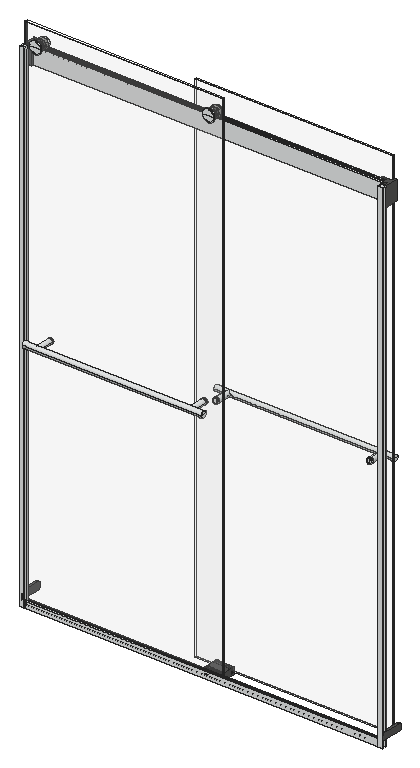
Revit family "Shower-Shower_Door-KOHLER-Levity_Plus-K-702430_1", category Specialty Equipment, host Face, Revit 2022 (continued)
Definition of nested family "K-702430"
  Dimensions and locks (in)
    aligned and locked: plane 13 to Extrusion 14
    aligned and locked: plane 5 to Extrusion 15 sketch curve
    aligned and locked: plane 6 to Extrusion 15 sketch curve
    aligned and locked: plane 13 to Extrusion 17 sketch curve
    aligned and locked: Extrusion 10 to Masking region 1 sketch curve
    aligned and locked: Masking region 2 sketch curve to plane 6
    aligned and locked: Masking region 2 sketch curve to plane 5
    aligned and locked: plane 6 to Masking region 3 sketch curve
    aligned and locked: Extrusion 10 to Masking region 3 sketch curve
    aligned and locked: Revolve 11 to Masking region 4 sketch curve
    aligned and locked: plane 13 to Masking region 4 sketch curve
    aligned and locked: plane 5 to Extrusion 21
    aligned and locked: Masking region 3 to curve 165
    aligned and locked: Masking region 3 to curve 166
    aligned and locked: Masking region 3 to curve 142
    aligned and locked: Revolve 26 sketch curve to plane 18
    aligned and locked: Revolve 26 sketch curve to plane 17
    aligned and locked: Revolve 27 sketch curve to plane 21  (x2)
    aligned and locked: plane 22 to Revolve 27 sketch curve
    aligned and locked: curve 187 to Revolve 25
    aligned and locked: Masking region 3 sketch curve to Masking region 3 sketch curve
    aligned and locked: plane 18 to Masking region 4 sketch curve
    aligned and locked: plane 17 to Masking region 4 sketch curve
    aligned and locked: Masking region 4 sketch curve to Masking region 4 sketch curve
    aligned and locked: Masking region 3 to curve 190
    aligned and locked: curve 191 to Masking region 3
    aligned and locked: Masking region 3 to curve 192
    aligned and locked: curve 103 to Masking region 3
    aligned and locked: Masking region 3 to curve 130
    aligned and locked: curve 152 to Masking region 3
    aligned and locked: Masking region 3 to curve 195
    aligned and locked: curve 197 to Masking region 4
    aligned and locked: curve 196 to Masking region 4
    aligned and locked: Masking region 4 to curve 196
    aligned and locked: Masking region 4 to curve 197
    aligned and locked: curve 198 to Revolve 26
    aligned and locked: Masking region 4 to curve 199  (x2)
    aligned and locked: Masking region 4 to curve 158
    aligned and locked: curve 158 to Masking region 4
    aligned and locked: Masking region 4 to curve 200
    aligned and locked: curve 200 to Masking region 4
    aligned and locked: Masking region 4 to curve 201  (x3)
    aligned and locked: curve 202 to Revolve 26
    aligned and locked: Revolve 31 sketch curve to plane 18
    aligned and locked: Revolve 31 sketch curve to plane 17
    aligned and locked: Masking region 4 sketch curve to Extrusion 17
    aligned and locked: Masking region 4 to curve 154
    aligned and locked: curve 154 to Masking region 4
    aligned and locked: Masking region 4 to curve 160
    aligned and locked: curve 160 to Masking region 4
    aligned and locked: curve 10 to curve 215
  Automatic sketch dimensions
    Extrusion 1 sketch curve to plane 4 = 0"
    Extrusion 1 sketch curve to Extrusion 1 sketch curve = 0.03079"
    plane 4 to Extrusion 1 sketch curve = 0.0315"
    Extrusion 1 sketch curve to Extrusion 1 sketch curve = 0.2541"
    Extrusion 1 sketch curve to Extrusion 1 sketch curve = 0.25668"
    plane 4 to Extrusion 1 sketch curve = 81/256"
    Extrusion 1 sketch curve to Extrusion 1 sketch curve = 0.0315"  (x2)
    Extrusion 1 sketch curve to Extrusion 1 sketch curve = 0.60218"
    Extrusion 1 sketch curve to Extrusion 1 sketch curve = 0.03039"
    Extrusion 1 sketch curve to plane 1 "Center (Front/Back)" = 0.35413"
    Extrusion 1 sketch curve to Extrusion 1 sketch curve = 0.47171"
    Extrusion 1 sketch curve to Extrusion 1 sketch curve = 1.10192"
    Extrusion 1 sketch curve to Extrusion 1 sketch curve = 0.00743"
    Extrusion 1 sketch curve to Extrusion 1 sketch curve = 0.34229"
    Extrusion 2 sketch curve to plane 4 = 0"  (x2)
    plane 1 "Center (Front/Back)" to Extrusion 2 sketch curve = 0"  (x2)
    plane 4 to Extrusion 2 sketch curve = 0.05752"  (x2)
    plane 4 to Extrusion 2 sketch curve = 0.18908"
    Extrusion 2 sketch curve to Extrusion 2 sketch curve = 0.04131"
    Extrusion 2 sketch curve to Extrusion 2 sketch curve = 0.09136"
    Extrusion 2 sketch curve to Extrusion 2 sketch curve = 0.19461"  (x2)
    Extrusion 2 sketch curve to Extrusion 2 sketch curve = 0.14115"  (x2)
    plane 1 "Center (Front/Back)" to Extrusion 2 sketch curve = 0.32797"
    Extrusion 2 sketch curve to Extrusion 2 sketch curve = 0.00361"  (x2)
    Extrusion 2 sketch curve to Extrusion 2 sketch curve = 0.10339"
    plane 1 "Center (Front/Back)" to Extrusion 2 sketch curve = 0.30702"
    Extrusion 2 sketch curve to Extrusion 2 sketch curve = 0.03454"  (x2)
    Extrusion 2 sketch curve to Extrusion 2 sketch curve = 0.01994"  (x2)
    Extrusion 2 sketch curve to Extrusion 2 sketch curve = 0.04271"  (x2)
    Extrusion 2 sketch curve to Extrusion 2 sketch curve = 0.06265"
    Extrusion 2 sketch curve to plane 1 "Center (Front/Back)" = 0.20982"
    Extrusion 2 sketch curve to Extrusion 2 sketch curve = 0"
    Extrusion 2 sketch curve to plane 1 "Center (Front/Back)" = 0.22464"
    Extrusion 3 sketch curve to plane 4 = 0"
    Extrusion 3 sketch curve to Extrusion 3 sketch curve = 0.05752"  (x2)
    plane 1 "Center (Front/Back)" to Extrusion 3 sketch curve = 0.32797"
    Extrusion 3 sketch curve to Extrusion 3 sketch curve = 0.59999"  (x2)
    Extrusion 3 sketch curve to Extrusion 3 sketch curve = 0.00361"  (x2)
    Extrusion 3 sketch curve to Extrusion 3 sketch curve = 0.10339"
    plane 1 "Center (Front/Back)" to Extrusion 3 sketch curve = 0.30702"
    Extrusion 3 sketch curve to Extrusion 3 sketch curve = 0.05449"  (x2)
    Extrusion 3 sketch curve to plane 1 "Center (Front/Back)" = 0.22464"
    Extrusion 3 sketch curve to plane 1 "Center (Front/Back)" = 0.25253"
    plane 1 "Center (Front/Back)" to Extrusion 4 sketch curve = 0.20982"
    Extrusion 4 sketch curve to Extrusion 4 sketch curve = 0.01972"
    Extrusion 4 sketch curve to Extrusion 4 sketch curve = 0.25882"
    level to Extrusion 4 sketch curve = 1.05663"
    Extrusion 4 sketch curve to Extrusion 4 sketch curve = 0.57809"
    Extrusion 5 sketch curve to level = 0"
    Extrusion 5 sketch curve to plane 1 "Center (Front/Back)" = 0"
    plane 1 "Center (Front/Back)" to Extrusion 5 sketch curve = 0.19878"
    Extrusion 5 sketch curve to plane 1 "Center (Front/Back)" = 3/128"
    Extrusion 5 sketch curve to Extrusion 5 sketch curve = 0.04434"
    Extrusion 5 sketch curve to Extrusion 5 sketch curve = 0.04019"
    Extrusion 5 sketch curve to Extrusion 5 sketch curve = 0.07819"
    Extrusion 5 sketch curve to Extrusion 5 sketch curve = 0.0297"
    Extrusion 5 sketch curve to Extrusion 5 sketch curve = 0.02696"
    level to Extrusion 5 sketch curve = 0.07959"
    Extrusion 5 sketch curve to plane 1 "Center (Front/Back)" = 0.14319"
    Extrusion 5 sketch curve to Extrusion 5 sketch curve = 0.05652"
    Extrusion 5 sketch curve to Extrusion 5 sketch curve = 0.06857"
    Extrusion 5 sketch curve to Extrusion 5 sketch curve = 0.02971"
    Extrusion 5 sketch curve to Extrusion 5 sketch curve = 0.03753"
    Extrusion 5 sketch curve to Extrusion 5 sketch curve = 0.02998"
    Extrusion 5 sketch curve to Extrusion 5 sketch curve = 45/128"
    Extrusion 5 sketch curve to Extrusion 5 sketch curve = 0.34333"
    Extrusion 5 sketch curve to Extrusion 5 sketch curve = 0.07224"
    Extrusion 5 sketch curve to Extrusion 5 sketch curve = 0.01101"
    Extrusion 5 sketch curve to Extrusion 5 sketch curve = 15/128"
    Extrusion 5 sketch curve to Extrusion 5 sketch curve = 0.50603"
    Extrusion 5 sketch curve to Extrusion 5 sketch curve = 0.00157"
    Extrusion 5 sketch curve to Extrusion 5 sketch curve = 0.02425"
    Extrusion 5 sketch curve to Extrusion 5 sketch curve = 0.01999"
    Extrusion 5 sketch curve to Extrusion 5 sketch curve = 0.04542"
    Extrusion 5 sketch curve to Extrusion 5 sketch curve = 0.01816"
    Revolve 6 sketch curve to plane 8 = 0"  (x2)
    Revolve 6 sketch curve to plane 1 "Center (Front/Back)" = 1.79905"
    Revolve 6 sketch curve to Revolve 6 sketch curve = 0.36643"
    Revolve 6 sketch curve to Revolve 6 sketch curve = 0.18701"  (x2)
    Revolve 6 sketch curve to Revolve 6 sketch curve = 0.13646"
    Revolve 6 sketch curve to Revolve 6 sketch curve = 0.19685"  (x2)
    Revolve 6 sketch curve to Revolve 6 sketch curve = 0.35769"
    Revolve 6 sketch curve to plane 1 "Center (Front/Back)" = 0.06827"
    Revolve 6 sketch curve to plane 1 "Center (Front/Back)" = 0.02811"
    plane 1 "Center (Front/Back)" to Revolve 6 sketch curve = 0.09751"
    Revolve 6 sketch curve to Revolve 6 sketch curve = 0.04293"
    plane 8 to Revolve 6 sketch curve = 0.4638"
    plane 8 to Revolve 6 sketch curve = 0.47661"
    Revolve 6 sketch curve to Revolve 6 sketch curve = 0.05951"
    Revolve 6 sketch curve to Revolve 6 sketch curve = 0.21742"
    Revolve 6 sketch curve to Revolve 6 sketch curve = 0.26917"
    Revolve 6 sketch curve to Revolve 6 sketch curve = 0.05219"
    Revolve 6 sketch curve to Revolve 6 sketch curve = 0.23207"
    Revolve 6 sketch curve to Revolve 6 sketch curve = 0.00276"
    Revolve 6 sketch curve to Revolve 6 sketch curve = 0.04017"
    Revolve 6 sketch curve to Revolve 6 sketch curve = 0.98425"
    Revolve 6 sketch curve to Revolve 6 sketch curve = 0"
    Revolve 7 sketch curve to plane 1 "Center (Front/Back)" = 1.79905"
    Revolve 7 sketch curve to Revolve 7 sketch curve = 0.36643"
    Revolve 7 sketch curve to Revolve 7 sketch curve = 0.18701"  (x2)
    Revolve 7 sketch curve to Revolve 7 sketch curve = 0.13646"
    Revolve 7 sketch curve to Revolve 7 sketch curve = 0.19685"  (x2)
    Revolve 7 sketch curve to Revolve 7 sketch curve = 0.35769"
    Revolve 7 sketch curve to plane 1 "Center (Front/Back)" = 0.06827"
    Revolve 7 sketch curve to plane 1 "Center (Front/Back)" = 0.02811"
    plane 1 "Center (Front/Back)" to Revolve 7 sketch curve = 0.09751"
    Revolve 7 sketch curve to Revolve 7 sketch curve = 0.04293"
    Revolve 7 sketch curve to Revolve 7 sketch curve = 0.05951"
    Revolve 7 sketch curve to Revolve 7 sketch curve = 0.21742"
    Revolve 7 sketch curve to Revolve 7 sketch curve = 0.26917"
    Revolve 7 sketch curve to Revolve 7 sketch curve = 0.05219"
    Revolve 7 sketch curve to Revolve 7 sketch curve = 0.23207"
    Revolve 7 sketch curve to Revolve 7 sketch curve = 0.00276"
    Revolve 7 sketch curve to Revolve 7 sketch curve = 0.04017"
    Revolve 7 sketch curve to Revolve 7 sketch curve = 0.98425"
    Revolve 7 sketch curve to Revolve 7 sketch curve = 0"  (x2)
    Extrusion 8 sketch curve to plane 1 "Center (Front/Back)" = 0.97838"
    Extrusion 8 sketch curve to Extrusion 8 sketch curve = 0.04771"
    Extrusion 8 sketch curve to Extrusion 8 sketch curve = 0.19946"
    Extrusion 8 sketch curve to Extrusion 8 sketch curve = 0.06749"
    Extrusion 8 sketch curve to Extrusion 8 sketch curve = 0.07625"
    Extrusion 8 sketch curve to Extrusion 8 sketch curve = 0.10945"
    Extrusion 8 sketch curve to Extrusion 8 sketch curve = 0.00724"
    Extrusion 8 sketch curve to Extrusion 8 sketch curve = 0.01781"
    Extrusion 8 sketch curve to Extrusion 8 sketch curve = 0.07472"
    Extrusion 8 sketch curve to Extrusion 8 sketch curve = 0.26709"
    Extrusion 8 sketch curve to Extrusion 8 sketch curve = 0.25238"
    Extrusion 8 sketch curve to Extrusion 8 sketch curve = 0.11432"
    Extrusion 8 sketch curve to Extrusion 8 sketch curve = 0.167"
    Extrusion 8 sketch curve to Extrusion 8 sketch curve = 0.38221"
    Extrusion 8 sketch curve to Extrusion 8 sketch curve = 0.02708"
    Extrusion 8 sketch curve to Extrusion 8 sketch curve = 0.03426"
    Extrusion 8 sketch curve to Extrusion 8 sketch curve = 0.04358"
    Extrusion 8 sketch curve to Extrusion 8 sketch curve = 0.05805"
    Extrusion 8 sketch curve to Extrusion 8 sketch curve = 0.04965"
    Extrusion 8 sketch curve to Extrusion 8 sketch curve = 0.03062"
    Extrusion 8 sketch curve to Extrusion 8 sketch curve = 0.27127"
    Extrusion 8 sketch curve to Extrusion 8 sketch curve = 0.01337"
    Extrusion 8 sketch curve to Extrusion 8 sketch curve = 1/8"
    Extrusion 8 sketch curve to Extrusion 8 sketch curve = 0.62317"
    Extrusion 8 sketch curve to Extrusion 8 sketch curve = 0.09894"
    Extrusion 8 sketch curve to Extrusion 8 sketch curve = 0.11003"
    Extrusion 8 sketch curve to Extrusion 8 sketch curve = 0.06863"
    Extrusion 8 sketch curve to Extrusion 8 sketch curve = 0.04403"
    Extrusion 8 sketch curve to Extrusion 8 sketch curve = 0.07343"
    Extrusion 8 sketch curve to Extrusion 8 sketch curve = 0.06223"
    Extrusion 10 sketch curve to level = 0"
    Extrusion 10 sketch curve to plane 1 "Center (Front/Back)" = 0.30693"
    Extrusion 10 sketch curve to Extrusion 10 sketch curve = 0.16911"
    Extrusion 10 sketch curve to Extrusion 10 sketch curve = 0.03435"
    Extrusion 10 sketch curve to Extrusion 10 sketch curve = 0.04675"
    Extrusion 10 sketch curve to Extrusion 10 sketch curve = 0.27567"
    Extrusion 10 sketch curve to Extrusion 10 sketch curve = 0.02104"  (x2)
    level to Extrusion 10 sketch curve = 0.22974"  (x2)
    Extrusion 10 sketch curve to Extrusion 10 sketch curve = 0.10752"
    Extrusion 10 sketch curve to Extrusion 10 sketch curve = 0.08964"  (x2)
    Extrusion 10 sketch curve to Extrusion 10 sketch curve = 0.18469"  (x2)
    level to Extrusion 10 sketch curve = 0.22333"  (x2)
    Extrusion 10 sketch curve to Extrusion 10 sketch curve = 0.08608"  (x2)
    Extrusion 10 sketch curve to plane 1 "Center (Front/Back)" = 0.99117"
    Extrusion 10 sketch curve to Extrusion 10 sketch curve = 0.41665"  (x2)
    Extrusion 10 sketch curve to Extrusion 10 sketch curve = 0.04608"  (x2)
    Extrusion 10 sketch curve to Extrusion 10 sketch curve = 1.03242"
    level to Extrusion 10 sketch curve = 1.02412"
    Extrusion 10 sketch curve to Extrusion 10 sketch curve = 0.04197"
    Extrusion 10 sketch curve to Extrusion 10 sketch curve = 0.13366"
    level to Extrusion 10 sketch curve = 1.04611"
    Extrusion 10 sketch curve to Extrusion 10 sketch curve = 0.02291"
    Extrusion 10 sketch curve to Extrusion 10 sketch curve = 0.2467"
    level to Extrusion 10 sketch curve = 0.08994"
    Extrusion 10 sketch curve to Extrusion 10 sketch curve = 0.03772"
    Extrusion 10 sketch curve to Extrusion 10 sketch curve = 0.08809"
    Extrusion 10 sketch curve to Extrusion 10 sketch curve = 0.08169"
    Extrusion 10 sketch curve to Extrusion 10 sketch curve = 0.79837"
    Extrusion 10 sketch curve to Extrusion 10 sketch curve = 0.00241"
    Extrusion 10 sketch curve to Extrusion 10 sketch curve = 0.0012"
    Extrusion 10 sketch curve to Extrusion 10 sketch curve = 0.02268"
    Extrusion 10 sketch curve to Extrusion 10 sketch curve = 0.02105"
    Extrusion 10 sketch curve to Extrusion 10 sketch curve = 0.00037"
    Extrusion 10 sketch curve to Extrusion 10 sketch curve = 1.18136"
    Revolve 11 sketch curve to Revolve 11 sketch curve = 0.05802"
    Revolve 11 sketch curve to Revolve 11 sketch curve = 0.12991"
    Revolve 11 sketch curve to Revolve 11 sketch curve = 0.23375"
    Revolve 11 sketch curve to Revolve 11 sketch curve = 0.00086"
    Revolve 11 sketch curve to Revolve 11 sketch curve = 0.04165"  (x2)
    Revolve 11 sketch curve to Revolve 11 sketch curve = 0.04078"
    Revolve 11 sketch curve to Revolve 11 sketch curve = 0.12631"
    Revolve 11 sketch curve to Revolve 11 sketch curve = 0.29364"
    Revolve 11 sketch curve to Revolve 11 sketch curve = 0.3614"
    Revolve 11 sketch curve to Revolve 11 sketch curve = 0.25664"
    Revolve 11 sketch curve to Revolve 11 sketch curve = 0.3937"
    Revolve 11 sketch curve to Revolve 11 sketch curve = 0.50511"
    Revolve 12 sketch curve to Revolve 12 sketch curve = 0.05802"
    Revolve 12 sketch curve to Revolve 12 sketch curve = 0.12991"
    Revolve 12 sketch curve to Revolve 12 sketch curve = 0.23375"
    Revolve 12 sketch curve to Revolve 12 sketch curve = 0.00086"
    Revolve 12 sketch curve to Revolve 12 sketch curve = 0.04165"  (x2)
    Revolve 12 sketch curve to Revolve 12 sketch curve = 0.04078"
    Revolve 12 sketch curve to Revolve 12 sketch curve = 0.12631"
    Revolve 12 sketch curve to Revolve 12 sketch curve = 0.29364"
    Revolve 12 sketch curve to Revolve 12 sketch curve = 0.3614"
    Revolve 12 sketch curve to Revolve 12 sketch curve = 0.25664"
    Revolve 12 sketch curve to Revolve 12 sketch curve = 0.3937"
    Revolve 12 sketch curve to Revolve 12 sketch curve = 0.50511"
    plane 1 "Center (Front/Back)" to Extrusion 14 sketch curve = 0.23901"
    Extrusion 14 sketch curve to Extrusion 14 sketch curve = 0.01972"
    Extrusion 14 sketch curve to Extrusion 14 sketch curve = 0.25882"
    level to Extrusion 14 sketch curve = 2.13263"
    Extrusion 14 sketch curve to Extrusion 14 sketch curve = 0.57809"
    Extrusion 18 sketch curve to plane 4 = 0"
    Extrusion 18 sketch curve to plane 1 "Center (Front/Back)" = 0.32797"
    plane 1 "Center (Front/Back)" to Extrusion 18 sketch curve = 0.32797"
    Extrusion 18 sketch curve to Extrusion 18 sketch curve = 0.76451"
    Revolve 19 sketch curve to Revolve 19 sketch curve = 0.19685"  (x2)
    Revolve 19 sketch curve to Revolve 19 sketch curve = 0.13646"
    Revolve 19 sketch curve to Revolve 19 sketch curve = 0.37402"
    Revolve 19 sketch curve to Revolve 19 sketch curve = 0.36643"
    Revolve 19 sketch curve to plane 1 "Center (Front/Back)" = 0.06827"
    plane 1 "Center (Front/Back)" to Revolve 19 sketch curve = 0.14044"
    Revolve 19 sketch curve to Revolve 19 sketch curve = 0.12453"
    Revolve 19 sketch curve to Revolve 19 sketch curve = 0.15792"
    Revolve 19 sketch curve to Revolve 19 sketch curve = 0.07232"
    Revolve 19 sketch curve to Revolve 19 sketch curve = 0.05219"
    Revolve 19 sketch curve to Revolve 19 sketch curve = 0.275"
    Revolve 19 sketch curve to Revolve 19 sketch curve = 0.31118"
    Revolve 20 sketch curve to plane 8 = 0"  (x2)
    Revolve 20 sketch curve to plane 1 "Center (Front/Back)" = 1.79905"
    Revolve 20 sketch curve to Revolve 20 sketch curve = 0.36643"
    Revolve 20 sketch curve to Revolve 20 sketch curve = 0.37402"
    Revolve 20 sketch curve to Revolve 20 sketch curve = 0.13646"
    Revolve 20 sketch curve to Revolve 20 sketch curve = 0.19685"  (x2)
    Revolve 20 sketch curve to plane 1 "Center (Front/Back)" = 0.06827"
    plane 1 "Center (Front/Back)" to Revolve 20 sketch curve = 0.14044"
    plane 8 to Revolve 20 sketch curve = 0.53612"
    Revolve 20 sketch curve to Revolve 20 sketch curve = 0.12453"
    Revolve 20 sketch curve to Revolve 20 sketch curve = 0.15792"
    Revolve 20 sketch curve to Revolve 20 sketch curve = 0.07232"
    Revolve 20 sketch curve to Revolve 20 sketch curve = 0.05219"
    Revolve 20 sketch curve to Revolve 20 sketch curve = 0.275"
    Revolve 20 sketch curve to Revolve 20 sketch curve = 0.31118"
    Extrusion 13 sketch curve to Extrusion 13 sketch curve = 0.10187"
    Extrusion 13 sketch curve to plane 13 = 0.03713"
    Extrusion 13 sketch curve to Extrusion 13 sketch curve = 0.20309"
    plane 13 to Extrusion 13 sketch curve = 0.05161"
    Extrusion 13 sketch curve to Extrusion 13 sketch curve = 0.06158"
    Extrusion 13 sketch curve to plane 5 = 0.21268"
    Extrusion 13 sketch curve to plane 1 "Center (Front/Back)" = 0.96774"
    Extrusion 13 sketch curve to Extrusion 13 sketch curve = 0.06723"
    plane 13 to Extrusion 13 sketch curve = 0.01208"
    Extrusion 13 sketch curve to Extrusion 13 sketch curve = 0.06013"
    Extrusion 13 sketch curve to plane 1 "Center (Front/Back)" = 0.37453"
    Extrusion 13 sketch curve to plane 13 = 0.03488"
    Extrusion 15 sketch curve to plane 6 = 0"
    Extrusion 15 sketch curve to plane 1 "Center (Front/Back)" = 0.32756"
    Extrusion 15 sketch curve to Extrusion 15 sketch curve = 0.07874"  (x2)
    plane 1 "Center (Front/Back)" to Extrusion 15 sketch curve = 0.23901"
    plane 5 to Extrusion 15 sketch curve = 0.07874"
    Extrusion 16 sketch curve to plane 5 = 0"
    Extrusion 16 sketch curve to plane 6 = 0"
    plane 1 "Center (Front/Back)" to Extrusion 16 sketch curve = 0.31775"
    Extrusion 16 sketch curve to plane 1 "Center (Front/Back)" = 0.32756"
    Masking region 2 sketch curve to plane 4 = 0"
    Masking region 2 sketch curve to level = 0"
    Masking region 2 sketch curve to plane 13 = 0"
    plane 4 to Masking region 2 sketch curve = 0.32149"
    plane 4 to Masking region 2 sketch curve = 0.32175"
    level to Masking region 2 sketch curve = 0.07959"
    Masking region 2 sketch curve to Masking region 2 sketch curve = 0.08036"
    Extrusion 21 sketch curve to plane 1 "Center (Front/Back)" = 0.97838"
    Extrusion 21 sketch curve to Extrusion 21 sketch curve = 0.94794"
    Extrusion 8 sketch curve to Extrusion 8 sketch curve = 0.01983"
    Extrusion 8 sketch curve to Extrusion 8 sketch curve = 0.22281"
    Extrusion 8 sketch curve to Extrusion 8 sketch curve = 0.05988"
    Extrusion 8 sketch curve to Extrusion 8 sketch curve = 0.08881"
    Extrusion 8 sketch curve to Extrusion 8 sketch curve = 0.06732"
    Extrusion 8 sketch curve to Extrusion 8 sketch curve = 0.04204"
    Extrusion 8 sketch curve to Extrusion 8 sketch curve = 1.45984"
    Revolve 11 sketch curve to Revolve 11 sketch curve = 0.66419"
    Revolve 11 sketch curve to Revolve 11 sketch curve = 0"
    Revolve 12 sketch curve to Revolve 12 sketch curve = 0.66419"
    Revolve 12 sketch curve to Revolve 12 sketch curve = 0"
    Extrusion 21 sketch curve to Extrusion 21 sketch curve = 2.55906"
    plane 4 to Revolve 7 sketch curve = 1.37909"
    Revolve 7 sketch curve to Revolve 7 sketch curve = 0.01326"
    Revolve 7 sketch curve to Revolve 7 sketch curve = 0.4638"
    plane 4 to Revolve 19 sketch curve = 1.37909"
    Revolve 19 sketch curve to Revolve 19 sketch curve = 0.69404"
    Revolve 19 sketch curve to Revolve 19 sketch curve = 0"
    plane 10 to Revolve 22 sketch curve = 0.01653"
    plane 15 to Revolve 22 sketch curve = 2"
    Revolve 22 sketch curve to Revolve 22 sketch curve = 0.35998"
    Revolve 22 sketch curve to Revolve 22 sketch curve = 0.0116"
    Revolve 22 sketch curve to Revolve 22 sketch curve = 0.01502"
    Revolve 22 sketch curve to Revolve 22 sketch curve = 0.02237"
    Revolve 22 sketch curve to plane 1 "Center (Front/Back)" = 0.74911"
    Revolve 22 sketch curve to Revolve 22 sketch curve = 0.19685"
    Revolve 22 sketch curve to Revolve 22 sketch curve = 0"
    Revolve 22 sketch curve to Revolve 22 sketch curve = 0.03691"
    Revolve 22 sketch curve to Revolve 22 sketch curve = 1.61171"
    plane 10 to Revolve 23 sketch curve = 0"  (x2)
    Revolve 23 sketch curve to plane 16 = 0"
    plane 9 to Revolve 23 sketch curve = 0"
    Revolve 23 sketch curve to plane 16 = 0.05087"
    Revolve 23 sketch curve to plane 9 = 0.05087"
    plane 16 to Revolve 23 sketch curve = 0.28461"
    Revolve 23 sketch curve to Revolve 23 sketch curve = 0.30101"
    plane 15 to Revolve 23 sketch curve = 0.05099"
    Revolve 23 sketch curve to plane 9 = 0.05099"
    Revolve 23 sketch curve to plane 15 = 0"
    Revolve 24 sketch curve to plane 14 "B" = 0"  (x2)
    plane 14 "B" to Revolve 24 sketch curve = 0.40496"
    Revolve 24 sketch curve to plane 1 "Center (Front/Back)" = 2.11192"
    Revolve 24 sketch curve to Revolve 24 sketch curve = 0.03471"
    Revolve 24 sketch curve to Revolve 24 sketch curve = 0.1899"
    Revolve 24 sketch curve to Revolve 24 sketch curve = 0.02544"
    Revolve 24 sketch curve to Revolve 24 sketch curve = 0.03289"
    Revolve 24 sketch curve to Revolve 24 sketch curve = 0.48858"
    Revolve 25 sketch curve to plane 14 "B" = 0"  (x2)
    plane 14 "B" to Revolve 25 sketch curve = 0.40496"
    Revolve 25 sketch curve to plane 1 "Center (Front/Back)" = 2.11192"
    Revolve 25 sketch curve to Revolve 25 sketch curve = 0.03471"
    Revolve 25 sketch curve to Revolve 25 sketch curve = 0.1899"
    Revolve 25 sketch curve to Revolve 25 sketch curve = 0.02544"
    Revolve 25 sketch curve to Revolve 25 sketch curve = 0.03289"
    Revolve 25 sketch curve to Revolve 25 sketch curve = 0.3937"
    Revolve 26 sketch curve to plane 17 = 0.05367"
    Revolve 26 sketch curve to plane 18 = 0.0521"
    plane 17 to Revolve 26 sketch curve = 0.3712"
    Revolve 26 sketch curve to plane 5 = 0.30628"
    plane 10 to Revolve 27 sketch curve = 0"
    plane 22 to Revolve 27 sketch curve = 0.02938"
    plane 22 to Revolve 27 sketch curve = 0.00323"
    Revolve 27 sketch curve to plane 22 = 0.03582"
    Revolve 27 sketch curve to plane 1 "Center (Front/Back)" = 0.7253"
    Revolve 27 sketch curve to Revolve 27 sketch curve = 0.21106"
    plane 9 to Revolve 27 sketch curve = 1.13117"
    Revolve 27 sketch curve to Revolve 27 sketch curve = 0.98425"
    Masking region 4 sketch curve to plane 11 "C" = 0"
    Masking region 4 sketch curve to plane 12 "D" = 0"  (x2)
    Masking region 4 sketch curve to plane 7 "E" = 0.18693"  (x2)
    plane 17 to Masking region 4 sketch curve = 0.43077"
    Masking region 4 sketch curve to Masking region 4 sketch curve = 0.04069"  (x4)
    plane 18 to Masking region 4 sketch curve = 0.40812"
    plane 17 to Masking region 4 sketch curve = 0.47222"
    Masking region 4 sketch curve to Masking region 4 sketch curve = 0.04144"  (x3)
    Masking region 4 sketch curve to Masking region 4 sketch curve = 1/8"  (x2)
    plane 20 "AD" to Masking region 4 sketch curve = 0.59172"
    Masking region 4 sketch curve to Masking region 4 sketch curve = 0.1265"  (x2)
    plane 18 to Masking region 4 sketch curve = 17/128"
    Masking region 4 sketch curve to Masking region 4 sketch curve = 0.04155"  (x4)
    Masking region 4 sketch curve to Masking region 4 sketch curve = 0.04231"  (x4)
    Masking region 4 sketch curve to Masking region 4 sketch curve = 0.28808"  (x2)
    Masking region 4 sketch curve to Masking region 4 sketch curve = 0.261"  (x2)
    Masking region 4 sketch curve to Masking region 4 sketch curve = 0.22722"  (x2)
    Masking region 4 sketch curve to Masking region 4 sketch curve = 0.00019"
    Masking region 4 sketch curve to plane 18 = 0.0521"  (x2)
    Masking region 4 sketch curve to Masking region 4 sketch curve = 0.32758"
    Masking region 4 sketch curve to Masking region 4 sketch curve = 0.39092"
    Masking region 4 sketch curve to plane 17 = 0.05367"  (x2)
    plane 17 to Masking region 4 sketch curve = 0.19616"
    plane 17 to Masking region 4 sketch curve = 0.26806"
    Masking region 4 sketch curve to Masking region 4 sketch curve = 0.0521"  (x2)
    Masking region 4 sketch curve to Masking region 4 sketch curve = 0.22741"  (x2)
    plane 10 to Revolve 28 sketch curve = 0"  (x2)
    Revolve 28 sketch curve to plane 1 "Center (Front/Back)" = 0.97838"
    plane 15 to Revolve 28 sketch curve = 2"
    Revolve 28 sketch curve to Revolve 28 sketch curve = 3/8"
    Revolve 28 sketch curve to Revolve 28 sketch curve = 0"
    plane 9 to Revolve 28 sketch curve = 0.54062"
    Revolve 29 sketch curve to plane 21 = 0"  (x2)
    plane 10 to Revolve 29 sketch curve = 0"
    Revolve 29 sketch curve to plane 1 "Center (Front/Back)" = 0.97838"
    plane 9 to Revolve 29 sketch curve = 0.73747"
    Revolve 29 sketch curve to Revolve 29 sketch curve = 1.37795"
    plane 10 to Revolve 30 sketch curve = 0"  (x2)
    Revolve 30 sketch curve to plane 16 = 0"
    plane 9 to Revolve 30 sketch curve = 0"
    Revolve 30 sketch curve to plane 15 = 0"
    Revolve 30 sketch curve to plane 4 = 0.59564"
    Revolve 30 sketch curve to Revolve 30 sketch curve = 1.37795"
    plane 18 to Revolve 31 sketch curve = 0.21127"
    Revolve 31 sketch curve to Revolve 31 sketch curve = 0.3937"
    Masking region 3 sketch curve to plane 4 = 0"
    Masking region 3 sketch curve to plane 13 = 0"
    Masking region 3 sketch curve to plane 5 = 0"  (x2)
    Masking region 3 sketch curve to plane 16 = 0"
    Masking region 3 sketch curve to plane 15 = 0"
    plane 9 to Masking region 3 sketch curve = 0"
    Masking region 3 sketch curve to plane 9 = 0.05087"
    Masking region 3 sketch curve to plane 9 = 0.05099"
    Masking region 3 sketch curve to plane 10 = 0.39264"
    Masking region 3 sketch curve to plane 10 = 0.39276"
    Masking region 3 sketch curve to plane 10 = 0.44363"  (x2)
    Masking region 3 sketch curve to plane 16 = 0.05087"  (x2)
    Masking region 3 sketch curve to Masking region 3 sketch curve = 0.05087"
    plane 1 "Center (Front/Back)" to Masking region 3 sketch curve = 0.32797"
    plane 1 "Center (Front/Back)" to Masking region 3 sketch curve = 0.31775"
    plane 1 "Center (Front/Back)" to Masking region 3 sketch curve = 0.19878"
    Masking region 3 sketch curve to Masking region 3 sketch curve = 0.12919"
    Masking region 3 sketch curve to Masking region 3 sketch curve = 0.11897"
    Masking region 3 sketch curve to plane 1 "Center (Front/Back)" = 0.32756"
    plane 13 to Masking region 3 sketch curve = 0.01208"
    Masking region 3 sketch curve to Masking region 3 sketch curve = 0.04697"
    Masking region 3 sketch curve to Masking region 3 sketch curve = 0.23163"
    Masking region 3 sketch curve to plane 15 = 0.24037"
    Masking region 3 sketch curve to plane 1 "Center (Front/Back)" = 0.71126"
    Masking region 3 sketch curve to Masking region 3 sketch curve = 0.46585"
    Masking region 3 sketch curve to plane 5 = 0.14544"
    Masking region 3 sketch curve to Masking region 3 sketch curve = 0.34131"
    Masking region 3 sketch curve to Masking region 3 sketch curve = 0.03039"
    Masking region 3 sketch curve to Masking region 3 sketch curve = 0.06723"
    Masking region 3 sketch curve to Masking region 3 sketch curve = 0.05623"  (x2)
    Masking region 3 sketch curve to Masking region 3 sketch curve = 0.05915"
    Masking region 3 sketch curve to plane 3 "Center (Left/Right)" = 0.34077"  (x2)
    Masking region 3 sketch curve to Masking region 3 sketch curve = 0.9481"  (x2)
    Masking region 3 sketch curve to Masking region 3 sketch curve = 0.02252"
    Masking region 3 sketch curve to Masking region 3 sketch curve = 0.06158"
    Masking region 3 sketch curve to plane 15 = 0.83841"
    Masking region 3 sketch curve to Masking region 3 sketch curve = 0.09468"
    Masking region 3 sketch curve to Masking region 3 sketch curve = 0.01655"
    plane 4 to Masking region 3 sketch curve = 0.32175"
    Masking region 3 sketch curve to Masking region 3 sketch curve = 0.00737"
    plane 13 to Masking region 3 sketch curve = 0.05161"
    Masking region 3 sketch curve to Masking region 3 sketch curve = 0.86748"
    Masking region 3 sketch curve to Masking region 3 sketch curve = 1.14729"
    Masking region 3 sketch curve to Masking region 3 sketch curve = 1.07649"
    plane 4 to Masking region 3 sketch curve = 0.32153"
    Masking region 3 sketch curve to Masking region 3 sketch curve = 0.76451"
    Masking region 3 sketch curve to plane 15 = 0.04352"
    plane 15 to Masking region 3 sketch curve = 0.05099"  (x2)
    plane 15 to Masking region 3 sketch curve = 1.02872"
    Masking region 3 sketch curve to Masking region 3 sketch curve = 0.19685"
    Masking region 3 sketch curve to Masking region 3 sketch curve = 0.0201"
    Masking region 3 sketch curve to Masking region 3 sketch curve = 3/4"
    plane 21 to Masking region 3 sketch curve = 0.3937"
    Masking region 3 sketch curve to plane 5 = 0.20841"
    curve 38 to curve 39 = 0"  (x3)
    curve 40 to curve 41 = 0"  (x3)
    curve 176 to plane 15 = 0"
    curve 177 to plane 14 "B" = 0"
    plane 8 to curve 40 = 0"
    curve 181 to plane 16 = 0"
    curve 49 to plane 3 "Center (Left/Right)" = 0"
    curve 46 to plane 5 = 0"
    curve 43 to plane 13 = 0"
    curve 47 to plane 6 = 0"
    curve 42 to plane 23 = 0"
    plane 4 to curve 34 = 0.76451"
    plane 15 to curve 178 = 0.05099"
    plane 15 to curve 38 = 0.4926"
    curve 186 to plane 16 = 0.053"
    curve 186 to plane 16 = 0.0528"
    curve 43 to plane 5 = 0.21268"
    curve 185 to plane 14 "B" = 0.39264"
    curve 182 to plane 14 "B" = 0.39276"
    curve 183 to curve 182 = 0.0528"
    level to curve 35 = 0.08036"
    plane 14 "B" to curve 182 = 25/64"
    plane 14 "B" to curve 179 = 0.39264"
    curve 181 to curve 180 = 0.053"
    curve 46 to curve 43 = 0.10871"
    plane 4 to curve 36 = 0.32175"
    plane 4 to curve 34 = 0.32149"
    level to curve 42 = 1.04703"
    level to curve 46 = 0.07959"
    Extrusion 13 sketch curve to Extrusion 13 sketch curve = 0.98126"
    Masking region 4 sketch curve to Masking region 4 sketch curve = 0.7424"
    Masking region 4 sketch curve to Masking region 4 sketch curve = 0.74553"
    Masking region 4 sketch curve to Masking region 4 sketch curve = 0"  (x5)
    Revolve 26 sketch curve to Revolve 26 sketch curve = 0.3712"
    Revolve 26 sketch curve to Revolve 26 sketch curve = 0"
    Revolve 31 sketch curve to Revolve 31 sketch curve = 0.42487"
    Revolve 31 sketch curve to Revolve 31 sketch curve = 0"
    Extrusion 4 sketch curve to plane 1 "Center (Front/Back)" = 2.917"
    Revolve 11 sketch curve to plane 1 "Center (Front/Back)" = 3.03171"
    Revolve 12 sketch curve to plane 1 "Center (Front/Back)" = 3.03171"
    Extrusion 14 sketch curve to plane 1 "Center (Front/Back)" = 2.917"
    Masking region 4 sketch curve to Masking region 4 sketch curve = 0.05367"
    Revolve 24 sketch curve to Revolve 24 sketch curve = 2.36501"
    Revolve 24 sketch curve to Revolve 24 sketch curve = 0.7874"
    Revolve 25 sketch curve to Revolve 25 sketch curve = 2.36501"
    Revolve 25 sketch curve to Revolve 25 sketch curve = 0.98425"
    Revolve 26 sketch curve to plane 1 "Center (Front/Back)" = 4.9018"
    Revolve 26 sketch curve to Revolve 26 sketch curve = 0.0521"
    Revolve 26 sketch curve to Revolve 26 sketch curve = 0.05367"
    Revolve 31 sketch curve to plane 1 "Center (Front/Back)" = 4.9018"
    plane 4 to Extrusion 9 sketch curve = 0.38018"
    Extrusion 9 sketch curve to Extrusion 9 sketch curve = 0.06"  (x6)
    Extrusion 9 sketch curve to Extrusion 9 sketch curve = 0.261"
    Extrusion 9 sketch curve to plane 3 "Center (Left/Right)" = 0.0614"  (x2)
    Extrusion 9 sketch curve to plane 1 "Center (Front/Back)" = 0.71126"
    Extrusion 9 sketch curve to plane 3 "Center (Left/Right)" = 0.0014"
    Revolve 19 sketch curve to Revolve 19 sketch curve = 0.65703"
    plane 18 to Extrusion 17 sketch curve = 1.40261"
    plane 13 to Extrusion 17 sketch curve = 0.06"  (x2)
    Extrusion 17 sketch curve to Extrusion 17 sketch curve = 0.261"
    Extrusion 17 sketch curve to Extrusion 17 sketch curve = 0.06"  (x5)
    Extrusion 17 sketch curve to plane 25 = 2.08023"
    Extrusion 17 sketch curve to plane 1 "Center (Front/Back)" = 2.21389"
    Masking region 4 sketch curve to Masking region 4 sketch curve = 0.06"  (x5)
    Masking region 4 sketch curve to plane 25 = 0.42454"
    plane 18 to Masking region 4 sketch curve = 0.20472"
    Masking region 4 sketch curve to Masking region 4 sketch curve = 0.23375"  (x2)
    Masking region 4 sketch curve to plane 19 "AC" = 0.40496"
    Masking region 4 sketch curve to Masking region 4 sketch curve = 0.22757"
    plane 20 "AD" to Masking region 4 sketch curve = 0.40496"
    Masking region 4 sketch curve to Masking region 4 sketch curve = 0.381"  (x3)
    Masking region 4 sketch curve to Masking region 4 sketch curve = 1.09886"
    plane 13 to Masking region 4 sketch curve = 0.06"  (x2)
    Masking region 3 sketch curve to Masking region 3 sketch curve = 0.0299"
    Masking region 3 sketch curve to Masking region 3 sketch curve = 0.60192"
    Masking region 3 sketch curve to Masking region 3 sketch curve = 0.05864"  (x2)
    Masking region 3 sketch curve to Masking region 3 sketch curve = 0.14768"
    Masking region 3 sketch curve to Masking region 3 sketch curve = 0.21089"
    Masking region 3 sketch curve to Masking region 3 sketch curve = 0.26712"  (x3)
    Masking region 3 sketch curve to Masking region 3 sketch curve = 0.37933"
    Masking region 3 sketch curve to Masking region 3 sketch curve = 0.7902"
    Masking region 3 sketch curve to plane 1 "Center (Front/Back)" = 0.97838"
    Masking region 3 sketch curve to Masking region 3 sketch curve = 0"
    Masking region 3 sketch curve to Masking region 3 sketch curve = 0.0614"
    Masking region 3 sketch curve to plane 3 "Center (Left/Right)" = 0.0614"
    Masking region 3 sketch curve to plane 3 "Center (Left/Right)" = 0"
    curve 146 to plane 6 = 0"
    curve 149 to plane 13 = 0"
    curve 55 to plane 4 = 0"
    curve 150 to plane 6 = 0"
    curve 144 to plane 5 = 0"
    curve 121 to plane 8 = 0"
    curve 146 to plane 13 = 0.139"
    curve 146 to plane 25 = 2.15083"
    plane 4 to curve 51 = 0.03079"
    curve 51 to plane 25 = 2.15274"
    curve 51 to curve 52 = 0.03079"
    curve 51 to curve 53 = 0.0394"
    curve 148 to plane 13 = 0.03713"
    plane 13 to curve 149 = 0.05161"
    curve 147 to curve 149 = 0.20309"
    curve 164 to plane 3 "Center (Left/Right)" = 0.34077"
    curve 164 to plane 1 "Center (Front/Back)" = 1.92648"
    curve 164 to curve 105 = 0.12742"
    curve 59 to plane 1 "Center (Front/Back)" = 1.79905"
    curve 59 to curve 82 = 0.36643"
    curve 104 to curve 127 = 0.36643"
    curve 113 to plane 16 = 0.01453"
    curve 110 to curve 113 = 0.18701"
    curve 63 to plane 15 = 0.00028"
    curve 60 to curve 63 = 0.18701"
    curve 105 to curve 108 = 0.18701"
    curve 65 to curve 68 = 0.18701"
    curve 68 to curve 83 = 0.18701"
    plane 16 to curve 112 = 0.02872"
    curve 113 to curve 112 = 0.18701"
    curve 107 to curve 109 = 0.13646"
    curve 56 to plane 1 "Center (Front/Back)" = 0.38815"
    plane 4 to curve 55 = 0.0315"
    curve 56 to curve 55 = 0.00252"
    curve 56 to curve 57 = 0.00669"
    curve 73 to plane 1 "Center (Front/Back)" = 0.06827"
    curve 123 to plane 1 "Center (Front/Back)" = 0.06827"
    curve 87 to plane 1 "Center (Front/Back)" = 0.02811"
    curve 120 to plane 1 "Center (Front/Back)" = 0.02811"
    plane 1 "Center (Front/Back)" to curve 133 = 0.09751"
    plane 1 "Center (Front/Back)" to curve 88 = 0.09751"
    curve 71 to curve 70 = 0.04293"  (x2)
    curve 116 to curve 119 = 0.04293"
    curve 51 to curve 51 = 0.2541"
    curve 54 to curve 54 = 0.25668"
    curve 88 to plane 15 = 0.44306"
    curve 71 to curve 72 = 0.04017"
    curve 61 to plane 15 = 0.25363"
    curve 63 to curve 82 = 0.05219"
    curve 86 to plane 15 = 0.16805"
    curve 62 to plane 15 = 0.04352"
    plane 15 to curve 76 = 0.4926"
    plane 15 to curve 68 = 0.98547"
    curve 68 to curve 83 = 0.04324"
    curve 70 to curve 79 = 0.66065"
    curve 68 to curve 59 = 0.20116"
    curve 65 to curve 66 = 0.05219"
    curve 78 to curve 76 = 0.23207"
    curve 76 to curve 81 = 0.00276"
    curve 78 to curve 87 = 0.04017"
    plane 21 to curve 119 = 0.55694"
    curve 116 to curve 120 = 0.04017"
    curve 116 to curve 115 = 0.04293"
    curve 142 to curve 106 = 0.37539"
    curve 107 to curve 134 = 0.01326"
    curve 108 to curve 105 = 0.05219"
    curve 117 to curve 118 = 0.23484"
    curve 129 to curve 129 = 0.19685"
    curve 107 to curve 108 = 0.04324"
    plane 16 to curve 124 = 0.15325"
    plane 16 to curve 110 = 0.18663"
    curve 114 to curve 135 = 0.19685"
    curve 135 to curve 112 = 0.01326"
    curve 123 to curve 125 = 0.23207"
    curve 121 to curve 123 = 0.00276"
    curve 121 to curve 125 = 0.04293"
    curve 154 to plane 25 = 2.02023"
    curve 160 to curve 149 = 0.43557"
    curve 158 to curve 160 = 0"
    curve 165 to curve 142 = 0.65609"
    plane 18 to curve 153 = 17/128"
    curve 153 to curve 154 = 0.28808"
    curve 159 to curve 160 = 0.28808"
    curve 155 to curve 153 = 0.04155"
    curve 162 to curve 159 = 0.04231"
    curve 161 to curve 162 = 1/8"
    curve 156 to curve 155 = 0.1265"
    curve 53 to curve 53 = 0.01394"
    plane 4 to curve 52 = 0.00034"
    curve 154 to curve 157 = 0.381"
    curve 160 to curve 163 = 0.381"
    curve 166 to curve 142 = 0.17232"
    curve 50 to curve 59 = 0.12742"
    curve 145 to plane 5 = 0.20841"
    curve 149 to curve 145 = 0.17285"
    curve 145 to curve 93 = 0.22673"
    curve 50 to curve 97 = 0.22673"
    curve 104 to curve 137 = 0.09931"
    curve 98 to curve 65 = 0.01474"
    curve 95 to curve 60 = 0.01474"
    curve 93 to curve 138 = 0.25238"
    curve 94 to curve 62 = 0.18677"
    curve 138 to curve 139 = 0.20199"
    curve 99 to curve 108 = 0.18677"
    curve 112 to curve 140 = 0.01269"
    curve 62 to curve 96 = 0.01269"
    curve 67 to curve 100 = 0.01269"
    curve 152 to plane 1 "Center (Front/Back)" = 0.97838"
    curve 96 to curve 50 = 0.06754"
    curve 89 to plane 1 "Center (Front/Back)" = 0.97838"
    curve 145 to plane 5 = 0.21183"
    curve 140 to curve 145 = 0.06754"
    curve 151 to curve 114 = 0.05623"
    curve 96 to curve 64 = 0.06754"
    curve 100 to curve 69 = 0.06754"
    curve 64 to curve 84 = 0.05623"
    curve 89 to curve 90 = 0.26712"
    curve 129 to curve 134 = 0.21089"
    curve 84 to curve 85 = 0.21089"
    curve 57 to curve 56 = 0.26446"
    curve 92 to plane 1 "Center (Front/Back)" = 0.33026"
    curve 91 to plane 1 "Center (Front/Back)" = 0.33026"
    curve 124 to curve 123 = 0.26199"
    curve 73 to curve 72 = 0.26199"
    curve 118 to curve 117 = 0.26199"
    curve 79 to curve 78 = 0.26199"
    curve 150 to plane 1 "Center (Front/Back)" = 0.32756"
    curve 144 to plane 1 "Center (Front/Back)" = 0.32756"
    curve 58 to plane 1 "Center (Front/Back)" = 0.2505"
    curve 193 to curve 117 = 0.11337"
    curve 103 to plane 1 "Center (Front/Back)" = 0.18164"
    curve 143 to curve 123 = 0.11337"
    curve 101 to curve 72 = 0.11337"
    curve 102 to curve 78 = 0.11337"
    plane 1 "Center (Front/Back)" to curve 91 = 0.19878"
    plane 1 "Center (Front/Back)" to curve 144 = 0.19878"
    plane 1 "Center (Front/Back)" to curve 92 = 0.19878"
    plane 1 "Center (Front/Back)" to curve 58 = 0.19878"
    curve 56 to curve 58 = 0.44297"
    curve 50 to curve 59 = 0.63697"
    curve 85 to plane 15 = 0.24037"
    curve 60 to curve 95 = 0.00949"
    curve 84 to plane 15 = 0.04352"
    curve 84 to curve 69 = 0"
    curve 84 to curve 85 = 0.19685"
    curve 85 to curve 90 = 0.37933"
    curve 89 to curve 90 = 0"
    curve 78 to curve 91 = 0.23691"
    curve 91 to curve 92 = 3/4"
    curve 92 to curve 90 = 0.0201"
    curve 90 to curve 89 = 0.24735"
    curve 156 to curve 153 = 0.2753"
    curve 155 to curve 156 = 0"  (x2)
    plane 18 to curve 157 = 0.20472"
    curve 153 to curve 154 = 0"
    curve 154 to curve 157 = 0.0719"
    curve 153 to curve 156 = 0.2753"
    curve 193 to curve 116 = 0.16324"
    curve 104 to curve 164 = 0.10651"
    curve 166 to curve 142 = 0"
    curve 165 to plane 3 "Center (Left/Right)" = 0.34077"
    curve 151 to curve 130 = 0"
    curve 158 to curve 161 = 0.18676"
    curve 162 to curve 161 = 0"
    curve 163 to curve 160 = 0.0719"
    curve 162 to curve 159 = 0.27606"
    plane 17 to curve 159 = 0.19616"
    plane 17 to curve 163 = 0.26806"
    curve 159 to curve 162 = 0.27606"
    curve 161 to curve 162 = 0"
    curve 150 to plane 13 = 0.03488"
    curve 130 to plane 3 "Center (Left/Right)" = 0.34077"
    plane 9 to curve 194 = 0"
    plane 9 to curve 189 = 0"
    curve 203 to plane 4 = 0"
    curve 202 to plane 24 = 0"
    curve 198 to plane 24 = 0"
    curve 206 to plane 3 "Center (Left/Right)" = 0.0614"
    plane 4 to curve 205 = 0.38018"
    curve 205 to plane 1 "Center (Front/Back)" = 0.33026"
    curve 206 to plane 3 "Center (Left/Right)" = 0"
    curve 194 to plane 16 = 0.05087"
    plane 21 to curve 190 = 0.3937"
    curve 188 to plane 10 = 0.44363"
    plane 15 to curve 188 = 2 3/8"
    curve 188 to curve 188 = 3/4"
    plane 15 to curve 189 = 0.05099"
    curve 203 to curve 204 = 0.38433"
    curve 204 to curve 205 = 0.06"
    curve 198 to plane 25 = 0.42454"
    curve 202 to plane 25 = 0.42454"
    curve 199 to plane 25 = 0.42454"
    curve 199 to curve 197 = 1.59569"
    curve 201 to curve 200 = 1.97669"
    curve 197 to curve 196 = 0.381"
    curve 195 to curve 192 = 0.6518"
    curve 195 to curve 195 = 0.2708"
    curve 207 to curve 207 = 0.16754"
    curve 205 to curve 204 = 0.06"
    curve 206 to curve 204 = 0.0614"
    curve 203 to plane 1 "Center (Front/Back)" = 0.2505"
    plane 1 "Center (Front/Back)" to curve 191 = 0.19878"
    plane 1 "Center (Front/Back)" to curve 192 = 0.19878"
    curve 190 to plane 10 = 0.44363"
    curve 189 to plane 10 = 0.44363"
    curve 194 to plane 10 = 0.44363"
    Masking region 1 sketch curve to Masking region 1 sketch curve = 0"  (x5)
    Masking region 1 sketch curve to plane 23 = 0"  (x2)
    Masking region 1 sketch curve to plane 9 = 0"
    Masking region 1 sketch curve to plane 14 "B" = 0"  (x4)
    Masking region 1 sketch curve to level = 0"  (x2)
    Masking region 1 sketch curve to plane 24 = 0"
    Masking region 1 sketch curve to plane 10 = 0"
    plane 1 "Center (Front/Back)" to Masking region 1 sketch curve = 0.09747"
    Masking region 1 sketch curve to plane 23 = 1.85801"
    Masking region 1 sketch curve to plane 1 "Center (Front/Back)" = 0.06827"
    Masking region 1 sketch curve to Masking region 1 sketch curve = 0.04099"
    plane 1 "Center (Front/Back)" to Masking region 1 sketch curve = 0.14044"
    Masking region 1 sketch curve to Masking region 1 sketch curve = 11/256"
    Masking region 1 sketch curve to Masking region 1 sketch curve = 0.14848"  (x2)
    Masking region 1 sketch curve to Masking region 1 sketch curve = 0.01326"
    Masking region 1 sketch curve to Masking region 1 sketch curve = 0.05219"
    Masking region 1 sketch curve to Masking region 1 sketch curve = 0.19685"
    Masking region 1 sketch curve to Masking region 1 sketch curve = 0.04123"
    Masking region 1 sketch curve to Masking region 1 sketch curve = 1.32839"
    Masking region 1 sketch curve to Masking region 1 sketch curve = 0.23375"  (x2)
    Masking region 1 sketch curve to Masking region 1 sketch curve = 0.00086"
    Masking region 1 sketch curve to Masking region 1 sketch curve = 0.04165"  (x4)
    Masking region 1 sketch curve to Masking region 1 sketch curve = 0.61092"
    plane 1 "Center (Front/Back)" to Masking region 1 sketch curve = 0.32803"
    plane 14 "B" to Masking region 1 sketch curve = 8.38826"
    plane 14 "B" to Masking region 1 sketch curve = 0.42013"
    Masking region 1 sketch curve to Masking region 1 sketch curve = 0.01517"
    plane 14 "B" to Masking region 1 sketch curve = 0.39465"
    Masking region 1 sketch curve to Masking region 1 sketch curve = 0.02669"  (x2)
    Masking region 1 sketch curve to Masking region 1 sketch curve = 0.01778"  (x2)
    plane 14 "B" to Masking region 1 sketch curve = 0.37687"
    Masking region 1 sketch curve to Masking region 1 sketch curve = 0.026"
    Masking region 1 sketch curve to Masking region 1 sketch curve = 0.03868"  (x2)
    Masking region 1 sketch curve to Masking region 1 sketch curve = 0.11066"
    Masking region 1 sketch curve to plane 14 "B" = 0.28399"
    Masking region 1 sketch curve to plane 14 "B" = 0.36628"
    Masking region 1 sketch curve to Masking region 1 sketch curve = 0.08466"
    Masking region 1 sketch curve to plane 10 = 0.23641"
    Masking region 1 sketch curve to Masking region 1 sketch curve = 0.09287"
    Masking region 1 sketch curve to Masking region 1 sketch curve = 0.02716"
    Masking region 1 sketch curve to plane 14 "B" = 0.40496"
    level to Masking region 1 sketch curve = 2.24921"
    Masking region 1 sketch curve to Masking region 1 sketch curve = 0.11658"  (x2)
    Masking region 1 sketch curve to Masking region 1 sketch curve = 0.25882"
    Masking region 1 sketch curve to Masking region 1 sketch curve = 0.57809"
    Masking region 1 sketch curve to Masking region 1 sketch curve = 0.23909"
    level to Masking region 1 sketch curve = 1.05663"
    Masking region 1 sketch curve to Masking region 1 sketch curve = 0.03251"
    Masking region 1 sketch curve to Masking region 1 sketch curve = 0.00241"
    Masking region 1 sketch curve to Masking region 1 sketch curve = 0.33649"
    Masking region 1 sketch curve to Masking region 1 sketch curve = 0.35205"
    level to Masking region 1 sketch curve = 0.2313"  (x2)
    Masking region 1 sketch curve to Masking region 1 sketch curve = 0.00156"  (x2)
    Masking region 1 sketch curve to Masking region 1 sketch curve = 0.00346"  (x2)
    Masking region 1 sketch curve to Masking region 1 sketch curve = 0.00451"  (x2)
    level to Masking region 1 sketch curve = 0.16201"
    Masking region 1 sketch curve to Masking region 1 sketch curve = 0.0862"
    Masking region 1 sketch curve to Masking region 1 sketch curve = 0.08966"
    Masking region 1 sketch curve to Masking region 1 sketch curve = 0.03435"
    Masking region 1 sketch curve to Masking region 1 sketch curve = 0.03772"
    level to Masking region 1 sketch curve = 0.08036"
    Masking region 1 sketch curve to Masking region 1 sketch curve = 0.01035"
    Masking region 1 sketch curve to plane 25 = 0.01969"
    Masking region 1 sketch curve to Masking region 1 sketch curve = 1.0142"
    Masking region 1 sketch curve to plane 25 = 1.52341"
    Masking region 1 sketch curve to Masking region 1 sketch curve = 0.04078"  (x3)
    Masking region 1 sketch curve to Masking region 1 sketch curve = 0.12631"  (x2)
    Masking region 1 sketch curve to Masking region 1 sketch curve = 0.52103"
    Masking region 1 sketch curve to Masking region 1 sketch curve = 0.19815"
    Masking region 1 sketch curve to Masking region 1 sketch curve = 0.27433"
    Masking region 1 sketch curve to Masking region 1 sketch curve = 0.28808"
    Masking region 1 sketch curve to Masking region 1 sketch curve = 0.38211"
    Masking region 1 sketch curve to plane 25 = 2.02023"
    Masking region 1 sketch curve to Masking region 1 sketch curve = 0.37327"
    Masking region 1 sketch curve to Masking region 1 sketch curve = 0.381"  (x3)
    Masking region 1 sketch curve to Masking region 1 sketch curve = 0.71073"
    Masking region 1 sketch curve to Masking region 1 sketch curve = 0.04197"  (x2)
    Masking region 1 sketch curve to Masking region 1 sketch curve = 0.1859"
    Masking region 1 sketch curve to Masking region 1 sketch curve = 0.35483"
    Masking region 1 sketch curve to Masking region 1 sketch curve = 0.36643"
    Masking region 1 sketch curve to Masking region 1 sketch curve = 0.18701"
    Masking region 1 sketch curve to Masking region 1 sketch curve = 0.0752"
    Masking region 1 sketch curve to Masking region 1 sketch curve = 0.03015"
    Masking region 1 sketch curve to Masking region 1 sketch curve = 0.01285"
    Masking region 1 sketch curve to Masking region 1 sketch curve = 0.13646"
    Masking region 1 sketch curve to Masking region 1 sketch curve = 0.18708"  (x2)
    Masking region 1 sketch curve to Masking region 1 sketch curve = 0.29499"
    Masking region 1 sketch curve to Masking region 1 sketch curve = 0.18469"
    Masking region 1 sketch curve to Masking region 1 sketch curve = 0.11595"
    Masking region 1 sketch curve to Masking region 1 sketch curve = 0.06077"
    Masking region 1 sketch curve to Masking region 1 sketch curve = 0.04675"
    Masking region 1 sketch curve to Masking region 1 sketch curve = 0.01566"
    Masking region 1 sketch curve to plane 1 "Center (Front/Back)" = 0.02728"
    plane 1 "Center (Front/Back)" to Masking region 1 sketch curve = 0.19878"
    Masking region 1 sketch curve to Masking region 1 sketch curve = 0.12925"
    Masking region 1 sketch curve to Masking region 1 sketch curve = 0.17689"
    Masking region 1 sketch curve to Masking region 1 sketch curve = 4.23487"
    Masking region 1 sketch curve to Masking region 1 sketch curve = 0.1255"  (x2)
    Masking region 1 sketch curve to Masking region 1 sketch curve = 0.86332"
    Masking region 1 sketch curve to Masking region 1 sketch curve = 0.27909"
    Masking region 1 sketch curve to Masking region 1 sketch curve = 0.23405"
    Masking region 1 sketch curve to Masking region 1 sketch curve = 0.26199"
    curve 6 to plane 1 "Center (Front/Back)" = 0.32756"
    curve 6 to curve 1 = 0.0365"
    curve 16 to curve 1 = 0"
    curve 6 to curve 25 = 0.07332"
    level to curve 27 = 1.05663"
    level to curve 29 = 0.08036"
    curve 20 to curve 6 = 0.02657"
    curve 19 to curve 19 = 0.05917"
    curve 16 to curve 1 = 1.98907"
    curve 26 to plane 25 = 1.99343"
    curve 19 to curve 24 = 0.1016"
    plane 1 "Center (Front/Back)" to curve 21 = 0.20982"
    curve 21 to curve 25 = 0.06265"
    curve 3 to curve 3 = 0.98717"
    curve 3 to curve 4 = 0"
    curve 7 to plane 1 "Center (Front/Back)" = 0.06827"
    curve 7 to curve 4 = 0.12453"
    curve 2 to curve 3 = 0.15792"
    curve 5 to curve 4 = 0.19685"
    plane 1 "Center (Front/Back)" to curve 8 = 0.09747"
    curve 8 to curve 7 = 0.27504"
    curve 9 to plane 1 "Center (Front/Back)" = 0.02728"
    curve 9 to curve 8 = 0"
    curve 12 to curve 10 = 0.61092"
    curve 12 to curve 13 = 0"  (x2)
    curve 12 to curve 14 = 0.2754"
    curve 15 to curve 14 = 0"  (x2)
    curve 10 to curve 17 = 0"
    curve 30 to curve 26 = 1.076"
    curve 31 to curve 27 = 1.076"
    curve 27 to curve 32 = 0"
    curve 32 to curve 28 = 0.33649"
    curve 21 to curve 25 = 0"
    curve 29 to curve 24 = 0.0755"
    curve 28 to plane 1 "Center (Front/Back)" = 0.32797"
    curve 28 to curve 28 = 0.28138"
    curve 5 to curve 7 = 0.64299"
    curve 31 to curve 31 = 0.47277"
    curve 17 to curve 20 = 0.37117"
    curve 32 to curve 28 = 0.11595"
    curve 4 to curve 5 = 0.21089"
    curve 27 to curve 32 = 0.31092"
    curve 3 to curve 4 = 0.13646"
    curve 2 to curve 3 = 0.37402"
    curve 1 to curve 2 = 0.36643"
    curve 16 to curve 1 = 0.278"
    curve 26 to curve 30 = 0.4078"
    curve 10 to curve 10 = 0.24849"
    curve 13 to curve 10 = 0.13251"
    curve 30 to curve 30 = 0.45603"
    curve 26 to curve 26 = 0.17689"
    curve 12 to curve 13 = 0.28808"
    curve 14 to curve 12 = 0.04165"
    curve 15 to curve 14 = 0.12631"
    curve 29 to curve 33 = 0.0211"
    curve 22 to curve 23 = 0.04271"
    curve 6 to curve 21 = 0.00657"
    curve 172 to curve 173 = 0"  (x2)
    curve 175 to plane 10 = 0"
    curve 174 to plane 14 "B" = 0"
    curve 223 to plane 23 = 0"
    curve 222 to plane 23 = 0"
    curve 213 to plane 23 = 0"
    curve 214 to plane 23 = 0"
    curve 173 to plane 14 "B" = 0"
    curve 175 to plane 14 "B" = 0"
    curve 174 to plane 10 = 0.00311"
    curve 224 to plane 1 "Center (Front/Back)" = 0.32797"
    level to curve 208 = 0.70459"
    curve 208 to plane 1 "Center (Front/Back)" = 2.15389"
    curve 173 to plane 25 = 0.01805"
    curve 174 to plane 10 = 0.23406"  (x2)
    plane 1 "Center (Front/Back)" to curve 170 = 0.32803"
    curve 221 to plane 1 "Center (Front/Back)" = 0.32797"
    curve 220 to plane 1 "Center (Front/Back)" = 0.32797"
    curve 210 to plane 1 "Center (Front/Back)" = 0.33026"
    curve 220 to curve 219 = 0.06229"
    curve 223 to plane 1 "Center (Front/Back)" = 0.39026"
    curve 221 to curve 217 = 0.06229"
    curve 219 to curve 218 = 0.261"
    curve 223 to curve 222 = 0.261"
    curve 217 to curve 216 = 0.261"
    curve 169 to plane 1 "Center (Front/Back)" = 0.7253"
    plane 14 "B" to curve 171 = 0.40496"
    curve 169 to curve 171 = 1.38662"
    curve 171 to curve 168 = 0.04197"
    curve 208 to curve 215 = 0.06"
    curve 208 to curve 212 = 0.06"
    curve 222 to curve 213 = 1.56263"
    curve 212 to curve 209 = 0.01454"
    curve 212 to curve 211 = 0.261"
    curve 215 to curve 214 = 0.261"
    curve 168 to curve 167 = 0.381"
    curve 172 to plane 25 = 0.20388"  (x2)
    curve 209 to curve 211 = 0"
    level to curve 221 = 0.72015"
    curve 221 to curve 216 = 0"
    curve 221 to curve 217 = 0"  (x2)
    curve 217 to curve 217 = 0.33649"
    curve 217 to curve 216 = 0"
    curve 208 to curve 208 = 0.35205"
    curve 208 to curve 211 = 0"
    curve 208 to curve 212 = 0"
    curve 211 to curve 214 = 1.076"
    curve 215 to curve 214 = 0"
    curve 217 to curve 219 = 1.076"
    curve 219 to curve 218 = 0"  (x2)
    curve 220 to curve 219 = 0"
    curve 168 to plane 14 "B" = 0.40496"
    curve 171 to curve 168 = 0"  (x2)
    curve 168 to curve 167 = 0"  (x2)
    curve 172 to plane 14 "B" = 0.40496"
    curve 174 to plane 14 "B" = 0.37687"
    curve 170 to plane 14 "B" = 0.37687"
    curve 169 to plane 14 "B" = 0.37687"
    plane 14 "B" to curve 170 = 0.37687"
    plane 14 "B" to curve 169 = 0.37687"
    curve 219 to curve 215 = 0"
    curve 219 to curve 220 = 0.00278"
    curve 220 to curve 224 = 0.59185"
    curve 224 to curve 222 = 121/256"
    curve 222 to curve 223 = 0.00281"
    curve 223 to curve 210 = 0.03369"
    curve 225 to curve 210 = 0"
    curve 210 to curve 210 = 1.0752"
    curve 44 to plane 23 = 6.22009"
    curve 45 to curve 47 = 2.88819"
    curve 34 to plane 23 = 3.20825"
    curve 34 to curve 38 = 0.41455"
    curve 40 to plane 23 = 2.7937"
    curve 49 to curve 40 = 3.15118"
    curve 48 to curve 40 = 0.59213"
    Extrusion 8 sketch curve to plane 23 = 6.02362"
    Revolve 11 sketch curve to plane 23 = 4.00394"
    Revolve 12 sketch curve to plane 23 = 4.00394"
    Masking region 1 sketch curve to Masking region 1 sketch curve = 1.0752"
    Masking region 1 sketch curve to Masking region 1 sketch curve = 1.14509"
    Masking region 1 sketch curve to Masking region 1 sketch curve = 0.75919"
    curve 10 to plane 23 = 6.21864"
    curve 24 to curve 17 = 2.93708"
    curve 11 to curve 13 = 1.03459"
    curve 15 to curve 12 = 0.2754"
    Masking region 2 sketch curve to plane 23 = 0"
    Masking region 2 sketch curve to plane 23 = 3.2232"
    Masking region 2 sketch curve to plane 23 = 3.20825"
    Extrusion 21 sketch curve to plane 23 = 6.02362"
    curve 224 to curve 225 = 1.90661"
    curve 222 to curve 213 = 0"
    radius of curve 38 = 0.93903"
    radius of curve 39 = 0.89273"
    radius of curve 40 = 0.93903"
    radius of curve 41 = 0.89273"
    radius of curve 173 = 0.3937"
    radius of curve 175 = 0.39264"
Types (5): name | Type | Model | Finish
  (no name) | 1 | "K-702430-L-SHP" | Kohler-Metal-SHP-Bright_Polished_Silver
  SHP-Bright Polished Silver | 1 | "K-702430-L-SHP" | Kohler-Metal-SHP-Bright_Polished_Silver
  BNK-Anodized Brushed Nickel | 2 | "K-702430-L-BNK" | Kohler-Metal-BNK-Anodized_Brushed_Nickel
  BL-Matte Black | 3 | "K-702430-L-BL" | Kohler-Metal-BL-Matte_Black
  2MB-Vibrant Brushed Moderne Brass | 4 | "K-702430-L-2MB" | Kohler-Metal-2MB-Vibrant_Brushed_Moderne_Brass
